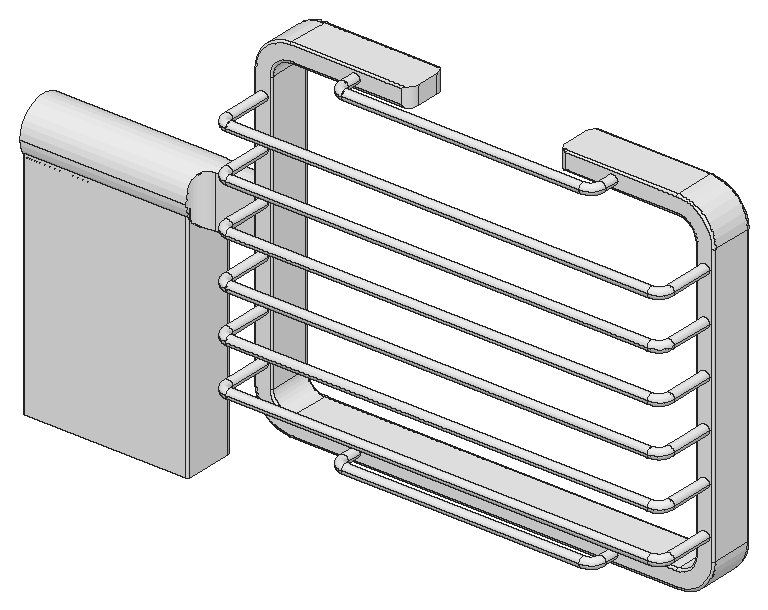
Revit family "Soap Dish-Dorf Enigma", category Specialty Equipment, host Face, Revit 2014
Parameters (values of type "Standard")
  as = 250 mm
  URL = "http://specify.caroma.com.au"
  Type Comments = "Dorf Enigma Soap Dish"  # constant formula
  ModifiedIssue_ANZRS = 20160317.54  # constant formula
  Model = "6585.04"  # constant formula
  Material_ANZRS = Metal-Chrome-Caroma
  Manufacturer = "GWA Bathrooms&Kitchens"  # constant formula
  Length = 187 mm  # constant formula
  Description = "TBC"  # constant formula
  Default Elevation = 900 mm
  CreatedBy_ANZRS = "Design Content"  # constant formula
  CreatedByURL_ANZRS = "http://www.designcontent.com.au/"
  Cost = 0
  Assembly Code = "C1030200"
Reference planes
  plane 1 "Center (Elevation)": y = 0
  plane 2 "Back": z = 0
  plane 3 "Center (Left/Right)": x = 0
  plane 4: x = -22.5
  plane 5: x = 164.5
Forms (mm)
  Extrusion 1, solid, material "Metal-Chrome-Caroma" <- "Material_ANZRS"
    sketch origin (-205, 1524, 1219.2) x (0, 1, 0) y (0, 0, 1)
      loop
        circle (-1524, -1152.188) r 7.78
    from 182.5 to 244.5
  Extrusion 2, void
    sketch origin (0, 0, 0) x (1, 0, 0) y (0, 1, 0)
      loop
        arc (22.525, 7.812) -> (23.4, 4.51) -> (26.5, 3.075) r 4.017
        line (26.5, 3.075) -> (39.5, 3.075) -> (39.5, 9.697) -> (22.525, 9.697) -> (22.525, 7.812)
      loop
        line (22.525, -7.812) -> (22.525, -9.697) -> (39.5, -9.697) -> (39.5, -3.075) -> (26.5, -3.075)
        arc (26.5, -3.075) -> (23.4, -4.51) -> (22.525, -7.812) r 4.017
    from 50.483 to 80.07
  Extrusion 3, solid, material "Metal-Chrome-Caroma" <- "Material_ANZRS"
    sketch origin (0, 0, 0) x (1, 0, 0) y (0, 1, 0)
      loop
        arc (21.922, -6.99) -> (22.324, -6.824) -> (22.49, -6.422) r 0.568
        line (22.49, -6.422) -> (22.49, 6.407)
        arc (22.49, 6.407) -> (22.315, 6.829) -> (21.893, 7.004) r 0.597
        line (21.893, 7.004) -> (-21.903, 7.004)
        arc (-21.903, 7.004) -> (-22.325, 6.829) -> (-22.5, 6.407) r 0.597
        line (-22.5, 6.407) -> (-22.5, -6.383)
        arc (-22.5, -6.383) -> (-22.322, -6.812) -> (-21.893, -6.99) r 0.607
        line (-21.893, -6.99) -> (21.922, -6.99)
    from 0 to 65.892
  Sweep 4, solid, material "Metal-Chrome-Caroma" <- "Material_ANZRS"
    path origin (0, 0, 0) x (1, 0, 0) y (0, 0, 1)
      loop
        arc (154.518, 19.015) -> (161.578, 21.94) -> (164.503, 29) r 9.985
        line (164.503, 29) -> (164.503, 105)
        arc (164.503, 105) -> (161.574, 112.071) -> (154.503, 115) r 10
        line (154.503, 115) -> (49.5, 115)
        arc (49.5, 115) -> (42.429, 112.071) -> (39.5, 105) r 10
        line (39.5, 105) -> (39.5, 29)
        arc (39.5, 29) -> (42.434, 21.939) -> (49.5, 19.015) r 10
        line (49.5, 19.015) -> (154.518, 19.015)
    profile origin (102.009, 0, 19.015) x (0, 0, -1) y (0, -1, 0)
      loop
        arc (0, 5.5) -> (-0.146, 5.854) -> (-0.5, 6) r 0.5
        line (-0.5, 6) -> (-4.485, 6)
        arc (-4.485, 6) -> (-4.838, 5.854) -> (-4.985, 5.5) r 0.5
        line (-4.985, 5.5) -> (-4.985, -5.476)
        arc (-4.985, -5.476) -> (-4.831, -5.846) -> (-4.461, -6) r 0.524
        line (-4.461, -6) -> (-0.533, -6)
        arc (-0.533, -6) -> (-0.156, -5.844) -> (0, -5.467) r 0.533
        line (0, -5.467) -> (0, 5.5)
  Sweep 5, solid, material "Metal-Chrome-Caroma" <- "Material_ANZRS"
    path origin (92.158, -35.698, 115) x (-1, 0, 0) y (0, -1, 0)
      loop
        line (25.155, -29.698) -> (25.155, -25.697)
        arc (25.155, -25.697) -> (24.349, -23.752) -> (22.404, -22.946) r 2.75
        line (22.404, -22.946) -> (-42.094, -22.946)
        arc (-42.094, -22.946) -> (-44.039, -23.752) -> (-44.845, -25.697) r 2.75
        line (-44.845, -25.697) -> (-44.845, -29.698)
    profile origin (67.003, -8.001, 115) x (1, 0, 0) y (0, 0, 1)
      loop
        circle (0, -2.5) r 1.25
  Extrusion 6, void
    sketch origin (92.158, -35.698, 115) x (-1, 0, 0) y (0, -1, 0)
      loop
        arc (10.157, -32.602) -> (11.042, -30.466) -> (13.178, -29.581) r 3.021
        line (13.178, -29.581) -> (15.866, -29.581) -> (15.866, -26.698) -> (-9.883, -26.698) -> (-9.883, -44.698) -> (16.699, -44.698) -> (16.699, -41.719) -> (13.178, -41.719)
        arc (13.178, -41.719) -> (11.042, -40.834) -> (10.157, -38.698) r 3.021
        line (10.157, -38.698) -> (10.157, -32.602)
    from -8.355 to 2.65
  Extrusion 7, void
    sketch origin (111.918, -35.698, 115) x (1, 0, 0) y (0, 1, 0)
      loop
        line (10.162, 32.602) -> (10.162, 38.698)
        arc (10.162, 38.698) -> (11.047, 40.834) -> (13.183, 41.719) r 3.021
        line (13.183, 41.719) -> (16.704, 41.719) -> (16.704, 44.698) -> (-9.877, 44.698) -> (-9.877, 26.698) -> (15.871, 26.698) -> (15.871, 29.581) -> (13.183, 29.581)
        arc (13.183, 29.581) -> (11.047, 30.466) -> (10.162, 32.602) r 3.021
    from -8.355 to 2.65
  Sweep 8, solid, material "Metal-Chrome-Caroma" <- "Material_ANZRS"
    path origin (92.158, -35.698, 24) x (-1, 0, 0) y (0, -1, 0)
      loop
        line (25.155, -29.698) -> (25.155, -25.697)
        arc (25.155, -25.697) -> (24.349, -23.752) -> (22.404, -22.946) r 2.75
        line (22.404, -22.946) -> (-42.094, -22.946)
        arc (-42.094, -22.946) -> (-44.039, -23.752) -> (-44.845, -25.697) r 2.75
        line (-44.845, -25.697) -> (-44.845, -29.698)
    profile origin (67.003, -8.001, 24) x (1, 0, 0) y (0, 0, 1)
      loop
        circle (0, -2.5) r 1.25
  Sweep 9, solid, material "Metal-Chrome-Caroma" <- "Material_ANZRS"
    path origin (92.158, -35.698, 102.002) x (-1, 0, 0) y (0, -1, 0)
      loop
        line (50.158, -29.698) -> (50.158, -17.698)
        arc (50.158, -17.698) -> (49.353, -15.753) -> (47.408, -14.948) r 2.75
        line (47.408, -14.948) -> (-67.094, -14.948)
        arc (-67.094, -14.948) -> (-69.039, -15.753) -> (-69.844, -17.698) r 2.75
        line (-69.844, -17.698) -> (-69.844, -29.698)
    profile origin (42, -12, 102.002) x (1, 0, 0) y (0, 0, 1)
      loop
        circle (0, -2.5) r 1.25
  Sweep 10, solid, material "Metal-Chrome-Caroma" <- "Material_ANZRS"
    path origin (92.158, -35.698, 89.002) x (-1, 0, 0) y (0, -1, 0)
      loop
        line (50.158, -29.698) -> (50.158, -17.698)
        arc (50.158, -17.698) -> (49.353, -15.753) -> (47.408, -14.948) r 2.75
        line (47.408, -14.948) -> (-67.094, -14.948)
        arc (-67.094, -14.948) -> (-69.039, -15.753) -> (-69.844, -17.698) r 2.75
        line (-69.844, -17.698) -> (-69.844, -29.698)
    profile origin (42, -12, 89.002) x (1, 0, 0) y (0, 0, 1)
      loop
        circle (0, -2.5) r 1.25
  Sweep 11, solid, material "Metal-Chrome-Caroma" <- "Material_ANZRS"
    path origin (92.158, -35.698, 76.002) x (-1, 0, 0) y (0, -1, 0)
      loop
        line (50.158, -29.698) -> (50.158, -17.698)
        arc (50.158, -17.698) -> (49.353, -15.753) -> (47.408, -14.948) r 2.75
        line (47.408, -14.948) -> (-67.094, -14.948)
        arc (-67.094, -14.948) -> (-69.039, -15.753) -> (-69.844, -17.698) r 2.75
        line (-69.844, -17.698) -> (-69.844, -29.698)
    profile origin (42, -12, 76.002) x (1, 0, 0) y (0, 0, 1)
      loop
        circle (0, -2.5) r 1.25
  Sweep 12, solid, material "Metal-Chrome-Caroma" <- "Material_ANZRS"
    path origin (92.158, -35.698, 63.002) x (-1, 0, 0) y (0, -1, 0)
      loop
        line (50.158, -29.698) -> (50.158, -17.698)
        arc (50.158, -17.698) -> (49.353, -15.753) -> (47.408, -14.948) r 2.75
        line (47.408, -14.948) -> (-67.094, -14.948)
        arc (-67.094, -14.948) -> (-69.039, -15.753) -> (-69.844, -17.698) r 2.75
        line (-69.844, -17.698) -> (-69.844, -29.698)
    profile origin (42, -12, 63.002) x (1, 0, 0) y (0, 0, 1)
      loop
        circle (0, -2.5) r 1.25
  Sweep 13, solid, material "Metal-Chrome-Caroma" <- "Material_ANZRS"
    path origin (92.158, -35.698, 50.002) x (-1, 0, 0) y (0, -1, 0)
      loop
        line (50.158, -29.698) -> (50.158, -17.698)
        arc (50.158, -17.698) -> (49.353, -15.753) -> (47.408, -14.948) r 2.75
        line (47.408, -14.948) -> (-67.094, -14.948)
        arc (-67.094, -14.948) -> (-69.039, -15.753) -> (-69.844, -17.698) r 2.75
        line (-69.844, -17.698) -> (-69.844, -29.698)
    profile origin (42, -12, 50.002) x (1, 0, 0) y (0, 0, 1)
      loop
        circle (0, -2.5) r 1.25
  Sweep 14, solid, material "Metal-Chrome-Caroma" <- "Material_ANZRS"
    path origin (92.158, -35.698, 37.002) x (-1, 0, 0) y (0, -1, 0)
      loop
        line (50.158, -29.698) -> (50.158, -17.698)
        arc (50.158, -17.698) -> (49.353, -15.753) -> (47.408, -14.948) r 2.75
        line (47.408, -14.948) -> (-67.094, -14.948)
        arc (-67.094, -14.948) -> (-69.039, -15.753) -> (-69.844, -17.698) r 2.75
        line (-69.844, -17.698) -> (-69.844, -29.698)
    profile origin (42, -12, 37.002) x (1, 0, 0) y (0, 0, 1)
      loop
        circle (0, -2.5) r 1.25
Cuts and joins
  Extrusion 2 cuts Extrusion 1
  Extrusion 6, Extrusion 7 cuts Sweep 4
Dimensions and locks
  "Length": plane 4 to plane 5
  equal spacing: host sketch curve, plane 3 "Center (Left/Right)", host sketch curve
  equal spacing: host sketch curve, plane 1 "Center (Elevation)", host sketch curve
  aligned and locked: plane 2 "Back" to host face
  aligned and locked: level to host face
Automatic sketch dimensions
  Extrusion 1 sketch curve to plane 1 "Center (Elevation)" = 0 mm
  level to Extrusion 1 sketch curve = 67.012 mm
  plane 1 "Center (Elevation)" to Extrusion 2 sketch curve = 9.697 mm
  plane 3 "Center (Left/Right)" to Extrusion 2 sketch curve = 22.525 mm
  Extrusion 2 sketch curve to Extrusion 2 sketch curve = 0 mm  (x2)
  Extrusion 2 sketch curve to Extrusion 2 sketch curve = 3.951 mm  (x2)
  Extrusion 2 sketch curve to Extrusion 2 sketch curve = 0.024 mm  (x2)
  Extrusion 2 sketch curve to plane 1 "Center (Elevation)" = 3.075 mm
  Extrusion 2 sketch curve to Extrusion 2 sketch curve = 13 mm
  plane 1 "Center (Elevation)" to Extrusion 2 sketch curve = 3.075 mm
  Extrusion 2 sketch curve to Extrusion 2 sketch curve = 1.885 mm  (x2)
  Extrusion 2 sketch curve to Extrusion 2 sketch curve = 4.016 mm
  Extrusion 3 sketch curve to plane 4 = 0 mm
  plane 4 to Extrusion 3 sketch curve = 0.597 mm
  plane 4 to Extrusion 3 sketch curve = 0.607 mm
  Extrusion 3 sketch curve to plane 1 "Center (Elevation)" = 6.407 mm
  plane 3 "Center (Left/Right)" to Extrusion 3 sketch curve = 21.893 mm
  plane 1 "Center (Elevation)" to Extrusion 3 sketch curve = 6.422 mm
  Extrusion 3 sketch curve to Extrusion 3 sketch curve = 0.029 mm
  Extrusion 3 sketch curve to Extrusion 3 sketch curve = 0.568 mm
  plane 3 "Center (Left/Right)" to Sweep 4 sketch curve = 39.5 mm
  Sweep 4 sketch curve to Sweep 4 sketch curve = 10 mm  (x2)
  Sweep 4 sketch curve to plane 5 = 9.997 mm
  Sweep 4 sketch curve to plane 5 = 9.982 mm
  plane 5 to Sweep 4 sketch curve = 0.003 mm
  level to Sweep 4 sketch curve = 19.015 mm
  Sweep 4 sketch curve to Sweep 4 sketch curve = 9.985 mm
  Sweep 4 sketch curve to Sweep 4 sketch curve = 76 mm
  Sweep 4 sketch curve to Sweep 4 sketch curve = 0 mm
  Sweep 4 sketch curve to profile plane = 0 mm
  profile plane to Sweep 4 sketch curve = 0.5 mm
  profile plane to Sweep 4 sketch curve = 0.533 mm
  Sweep 4 sketch curve to Sweep 4 sketch curve = 3.928 mm
  Sweep 4 sketch curve to Sweep 4 sketch curve = 3.985 mm
  Sweep 4 sketch curve to Sweep 4 sketch curve = 0.524 mm
  Sweep 4 sketch curve to plane 1 "Center (Elevation)" = 6 mm
  plane 1 "Center (Elevation)" to Sweep 4 sketch curve = 5.5 mm
  Sweep 5 sketch curve to plane 5 = 27.497 mm
  Sweep 5 sketch curve to Sweep 5 sketch curve = 2.75 mm  (x2)
  plane 1 "Center (Elevation)" to Sweep 5 sketch curve = 10.001 mm
  Sweep 5 sketch curve to Sweep 5 sketch curve = 64.499 mm
  Sweep 5 sketch curve to Sweep 5 sketch curve = 4.001 mm  (x2)
  profile plane to Sweep 5 sketch curve = 0 mm
  Sweep 5 sketch curve to profile plane = 2.5 mm
  plane 1 "Center (Elevation)" to Extrusion 6 sketch curve = 9 mm
  Extrusion 6 sketch curve to plane 5 = 62.459 mm
  Extrusion 6 sketch curve to plane 1 "Center (Elevation)" = 3 mm
  Extrusion 6 sketch curve to Extrusion 6 sketch curve = 20.039 mm
  Extrusion 6 sketch curve to Extrusion 6 sketch curve = 3.021 mm  (x2)
  Extrusion 6 sketch curve to Extrusion 6 sketch curve = 2.688 mm
  Extrusion 6 sketch curve to Extrusion 6 sketch curve = 3.521 mm
  Extrusion 6 sketch curve to Extrusion 6 sketch curve = 2.979 mm
  plane 1 "Center (Elevation)" to Extrusion 6 sketch curve = 3.096 mm
  plane 1 "Center (Elevation)" to Extrusion 7 sketch curve = 9 mm
  Extrusion 7 sketch curve to plane 5 = 62.459 mm
  Extrusion 7 sketch curve to plane 1 "Center (Elevation)" = 3 mm
  Extrusion 7 sketch curve to Extrusion 7 sketch curve = 20.039 mm
  Extrusion 7 sketch curve to Extrusion 7 sketch curve = 3.021 mm  (x2)
  Extrusion 7 sketch curve to Extrusion 7 sketch curve = 2.688 mm
  Extrusion 7 sketch curve to Extrusion 7 sketch curve = 3.521 mm
  Extrusion 7 sketch curve to Extrusion 7 sketch curve = 2.883 mm
  Extrusion 7 sketch curve to Extrusion 7 sketch curve = 2.979 mm
  Sweep 8 sketch curve to plane 5 = 27.497 mm
  Sweep 8 sketch curve to Sweep 8 sketch curve = 2.75 mm  (x2)
  plane 1 "Center (Elevation)" to Sweep 8 sketch curve = 10.001 mm
  Sweep 8 sketch curve to Sweep 8 sketch curve = 64.499 mm
  Sweep 8 sketch curve to Sweep 8 sketch curve = 4.001 mm  (x2)
  profile plane to Sweep 8 sketch curve = 0 mm
  Sweep 8 sketch curve to profile plane = 2.5 mm
  Sweep 9 sketch curve to plane 5 = 2.497 mm
  Sweep 9 sketch curve to Sweep 9 sketch curve = 2.75 mm  (x2)
  plane 1 "Center (Elevation)" to Sweep 9 sketch curve = 18 mm
  plane 3 "Center (Left/Right)" to Sweep 9 sketch curve = 44.75 mm
  plane 1 "Center (Elevation)" to Sweep 9 sketch curve = 6 mm  (x2)
  profile plane to Sweep 9 sketch curve = 0 mm
  Sweep 9 sketch curve to profile plane = 2.5 mm
  Sweep 10 sketch curve to plane 5 = 2.497 mm
  Sweep 10 sketch curve to Sweep 10 sketch curve = 2.75 mm  (x2)
  plane 1 "Center (Elevation)" to Sweep 10 sketch curve = 18 mm
  plane 3 "Center (Left/Right)" to Sweep 10 sketch curve = 44.75 mm
  plane 1 "Center (Elevation)" to Sweep 10 sketch curve = 6 mm  (x2)
  profile plane to Sweep 10 sketch curve = 0 mm
  Sweep 10 sketch curve to profile plane = 2.5 mm
  Sweep 11 sketch curve to plane 5 = 2.497 mm
  Sweep 11 sketch curve to Sweep 11 sketch curve = 2.75 mm  (x2)
  plane 1 "Center (Elevation)" to Sweep 11 sketch curve = 18 mm
  plane 3 "Center (Left/Right)" to Sweep 11 sketch curve = 44.75 mm
  plane 1 "Center (Elevation)" to Sweep 11 sketch curve = 6 mm  (x2)
  profile plane to Sweep 11 sketch curve = 0 mm
  Sweep 11 sketch curve to profile plane = 2.5 mm
  Sweep 12 sketch curve to plane 5 = 2.497 mm
  Sweep 12 sketch curve to Sweep 12 sketch curve = 2.75 mm  (x2)
  plane 1 "Center (Elevation)" to Sweep 12 sketch curve = 18 mm
  plane 3 "Center (Left/Right)" to Sweep 12 sketch curve = 44.75 mm
  plane 1 "Center (Elevation)" to Sweep 12 sketch curve = 6 mm  (x2)
  profile plane to Sweep 12 sketch curve = 0 mm
  Sweep 12 sketch curve to profile plane = 2.5 mm
  Sweep 13 sketch curve to plane 5 = 2.497 mm
  Sweep 13 sketch curve to Sweep 13 sketch curve = 2.75 mm  (x2)
  plane 1 "Center (Elevation)" to Sweep 13 sketch curve = 18 mm
  plane 3 "Center (Left/Right)" to Sweep 13 sketch curve = 44.75 mm
  plane 1 "Center (Elevation)" to Sweep 13 sketch curve = 6 mm  (x2)
  profile plane to Sweep 13 sketch curve = 0 mm
  Sweep 13 sketch curve to profile plane = 2.5 mm
  Sweep 14 sketch curve to plane 5 = 2.497 mm
  Sweep 14 sketch curve to Sweep 14 sketch curve = 2.75 mm  (x2)
  plane 1 "Center (Elevation)" to Sweep 14 sketch curve = 18 mm
  plane 3 "Center (Left/Right)" to Sweep 14 sketch curve = 44.75 mm
  plane 1 "Center (Elevation)" to Sweep 14 sketch curve = 6 mm  (x2)
  profile plane to Sweep 14 sketch curve = 0 mm
  Sweep 14 sketch curve to profile plane = 2.5 mm
  radius of Extrusion 1 sketch curve = 7.78 mm
  radius of Sweep 5 sketch curve = 1.25 mm
  radius of Sweep 8 sketch curve = 1.25 mm
  radius of Sweep 9 sketch curve = 1.25 mm
  radius of Sweep 10 sketch curve = 1.25 mm
  radius of Sweep 11 sketch curve = 1.25 mm
  radius of Sweep 12 sketch curve = 1.25 mm
  radius of Sweep 13 sketch curve = 1.25 mm
  radius of Sweep 14 sketch curve = 1.25 mm
